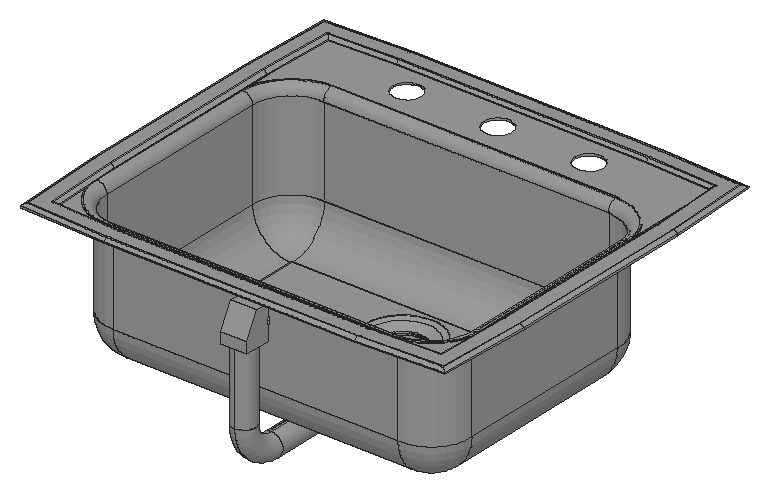
Revit family "equip-sink-elkay-single-lustertone-pslvr1917", category Generic Models, Revit 2019
Family settings
  Can host rebar = No
  Round Connector Dimension = Use Diameter
  Part Type = Normal
  Work Plane-Based = No
  Always vertical = Yes
  Cut with Voids When Loaded = No
  Shared = No
  Room Calculation Point = No
Parameters (values of type "Hole 3")
  URL = "www.elkayusa.com"
  Specification Sheet URL = "http://www.elkayusa.com/cps/rde/xbcr/elkay/01-70F_PSLVR1917.pdf"
  Sink Width = 1' - 5"
  Sink Material = Metal - Steel - Stainless - Chrome
  Sink Length = 1' - 7"
  Sink Ledge Sides Width = 0' - 1 1/2"
  Sink Ledge Front Width = 0' - 1 1/2"
  Sink Ledge Back Width = 0' - 4"
  Sink Depth = 0' - 6 1/8"
  Model = "PSLVR1917"  # constant formula
  Minimum Cabinet Width = "24"  # constant formula
  Manufacturer = "Elkay Manufacturing"  # constant formula
  Installation Sheet URL = "http://www.elkayusa.com/cps/rde/xbcr/elkay/74180147.pdf"
  Hole 5 Top = 0' - 1 1/2"
  Hole 4 Top = 0' - 1 1/2"
  Hole 3 Top = 0' - 2"
  Hole 2 Top = 0' - 2"
  Hole 1 to 5 = 1' - 0"
  Hole 1 to 4 = 0' - 10"
  Hole 1 to 3 = 0' - 8"
  Hole 1 to 2 = 0' - 4"
  Hole 1 from CL = 0' - 4"
  Hole 1 Top = 0' - 2"
  Faucet Hole CL = 0' - 2 1/4"
  Drain Location = 0' - 3 1/2"
  Description = "Pacemaker Lavatory Sink"  # constant formula
  2D Hole 5 = Hole 5 Top = 0' 2"  # no
  2D Hole 4 = Hole 4 Top = 0' 2"  # no
  2D Hole 3 = Hole 3 Top = 0' 2"  # yes
  2D Hole 2 = Hole 2 Top = 0' 2"  # yes
  2D Hole 1 = Hole 1 Top = 0' 2"  # yes
Types (5): name | Hole 3 Top | Hole 2 Top | Hole 1 to 5 | Hole 1 to 4 | Hole 1 to 3 | Hole 1 to 2 | Hole 1 from CL | 2D Hole 3 | 2D Hole 2
  (no name) | 0' - 2" | 0' - 2" | 1' - 0" | 0' - 10" | 0' - 8" | 0' - 4" | 0' - 4" | yes | yes
  Hole 1 | 0' - 1 1/2" | 0' - 1 1/2" | 0' - 8" | 0' - 6" | 0' - 4" | 0' - 2" | 0' - 0" | no | no
  Hole 2 | 0' - 1 1/2" | 0' - 2" | 0' - 10" | 0' - 8" | 0' - 6" | 0' - 4" | 0' - 2" | no | yes
  Hole 3 | 0' - 2" | 0' - 2" | 1' - 0" | 0' - 10" | 0' - 8" | 0' - 4" | 0' - 4" | yes | yes
  Hole 3 CenterSet | 0' - 2" | 0' - 2" | 1' - 0" | 0' - 10" | 0' - 4" | 0' - 2" | 0' - 2" | yes | yes
Reference planes (in)
  plane 1 "CL Sink Hole": y = 2.25
  plane 2 "Rim Top Outside Corner": z = 0.0015695
  plane 3 "Center (Left/Right)": x = 0
  plane 4 "Basin Edge Left": x = -8
  plane 5 "Basin Edge Right": x = 8
  plane 6 "Basin Edge Back": y = 5.75
  plane 7 "Basin Edge Front": y = -5.75
  plane 8 "Left": x = -9.5
  plane 9 "Right": x = 9.5
  plane 10 "Back": y = 9.75
  plane 11 "Front": y = -7.25
  plane 12 "Sink Angle Back Corner": y = 9.5792275
  plane 13 "Sink Angle Right Corner": x = 9.3267866
  plane 14 "Sink Angle Right": x = 5.5172067
  plane 15 "Sink Angle Back": y = 5.4648437
  plane 16 "Sink Angle Left": x = -5.515625
  plane 17 "Sink Angle Left Corner": x = -9.328125
  plane 18 "Sink Angle Front Corner": y = -7.078125
  plane 19 "Sink Angle Front": y = -2.9648438
  plane 20 "Sink Top Face Back Edge": y = 8.7219509
  plane 21 "Sink Top Face Front Edge": y = -6.2226563
  plane 22 "Sink Top Face Right Edge": x = 8.4726563
  plane 23 "Sink Top Face Left Edge": x = -8.4726562
  plane 24 "Sink Bowl Bottom (Top Face)": z = -6.0195312
  plane 25 "Faucet CL": y = 7.5
  plane 26 "Sink Top Piece Top Face": z = -0.0194305
  plane 27 "Sink Top Piece Bottom Face": z = -0.0819305
  plane 28: x = -9.921
  plane 29 "Top Void for Radius Back Edge": y = 3.25
  plane 30 "back ledge void radius": y = 6.2421875
  plane 31 "front ledge void radius": y = -6.2421875
  plane 32 "Top Radius Corner Prot": z = -0.4405305
  plane 33: z = -4.3320312
  plane 34 "Sink Bowl Bottom (Bottom Face)": z = -6.0820312
  plane 35 "Sink Bottom Piece Left Edge": x = -6.3125
  plane 36 "Sink Bottom Piece Right Edge": x = 6.3125
  plane 37 "Sink Bottom Piece Back Edge": y = 4.0625
  plane 38 "Sink Bottom Piece Front Edge": y = -4.0625
  plane 39 "Top Void for Radius Front Edge": y = -2.75
  plane 40 "Sink Top Locked Edge Right": x = 8.5625
  plane 41 "Sink Top Locked Edge Left": x = -8.5625
  plane 42 "Hole 1": x = -4
  plane 43 "Hole 2": x = 0
  plane 44 "Hole 3": x = 4
  plane 45 "Hole 4": x = 6
  plane 46 "Hole 5": x = 8
  plane 47 "Faucet Hole Void Bottoms": z = -1.9984305
  plane 48 "Hole 1 Top": z = 0.0015695
  plane 49 "Hole 2 Top": z = 0.0015695
  plane 50 "Hole 3 Top": z = 0.0015695
  plane 51 "Hole 4 Top": z = -0.4984305
  plane 52 "Hole 5 Top": z = -0.4984305
  plane 53 "Top": z = 0.1054687
  plane 54 "Insertion Plan for Sink - Bottom Outside Corner of Rim": z = -0.0524008
  plane 55 "Center (Front/Back)": y = 0
  plane 56 "drain return front wall": z = -1.5775313
  plane 57 "Drain Hole Bottom Edge": z = -6.3277116
  plane 58 "drain return screen back": y = -5.8125
  plane 59 "Drain Pipe Horz CL": z = -7.0464616
  plane 60 "Drain Pipe Vert CL": y = -6.4505003
  plane 61 "Drain Pipe Top": z = -2.3928632
  plane 62 "drain front fitting right": x = 0.5625
  plane 63 "drain front fitting left": x = -0.5625
  plane 64 "drain front fitting top": z = -0.8928632
  plane 65: y = 1.25
Forms (in)
  Sweep 1, solid, material "Metal - Steel - Stainless - Chrome" <- "Sink Material"
    path origin (0, 0, 0) x (1, 0, 0) y (0, 1, 0)
      loop
        line (5.5172067, 9.75) -> (-5.515625, 9.75) -> (-9.328125, 9.5792275) -> (-9.5, 5.4648437) -> (-9.5, -2.9648438) -> (-9.328125, -7.078125) -> (-5.515625, -7.25) -> (5.5172067, -7.25) -> (9.3267866, -7.078125) -> (9.5, -2.9648438) -> (9.5, 5.4648437) -> (9.3267866, 9.5792275) -> (5.5172067, 9.75)
    profile "profile-elkay-sink-rim-1 : profile-elkay-sink-rim-1" origin (0.0007909, 9.75, 0) x (0, -1, 0) y (0, 0, 1)
      loop
        line (0, 0) -> (0, -0.0524008) -> (0.2039181, 0.0577989) -> (0.8052651, 0.0577989) -> (1.0074493, -0.0709913) -> (1.0074493, -0.0163327) -> (0.841093, 0.0896347)
        arc (0.841093, 0.0896347) -> (0.8176388, 0.1002604) -> (0.7921483, 0.1038992) r 0.091102
        line (0.7921483, 0.1038992) -> (0.2153023, 0.1038992)
        arc (0.2153023, 0.1038992) -> (0.1929626, 0.1011179) -> (0.1719868, 0.0929438) r 0.0911081
        line (0.1719868, 0.0929438) -> (0, 0)
  Sweep 2, solid, material "Metal - Steel - Stainless - Chrome" <- "Sink Material"
    path origin (0, 0, -0.0194305) x (-1, 0, 0) y (0, -1, 0)
      loop
        line (-6.25, -5.75) -> (6.25, -5.75)
        arc (6.25, -5.75) -> (7.4874369, -5.2374369) -> (8, -4) r 1.75
        line (8, -4) -> (8, 4)
        arc (8, 4) -> (7.4874369, 5.2374369) -> (6.25, 5.75) r 1.75
        line (6.25, 5.75) -> (-6.25, 5.75)
        arc (-6.25, 5.75) -> (-7.4874369, 5.2374369) -> (-8, 4) r 1.75
        line (-8, 4) -> (-8, -4)
        arc (-8, -4) -> (-7.4874369, -5.2374369) -> (-6.25, -5.75) r 1.75
    profile "profile-elkay-sink-top corner : profile-elkay-sink-top corner" origin (0, 5.75, -0.0194305) x (0, -1, 0) y (0, 0, 1)
      loop
        line (-0.4204811, 0) -> (-0.4921875, 0) -> (-0.4921875, -0.0461) -> (-0.4204811, -0.0461)
        arc (-0.4204811, -0.0461) -> (-0.1553161, -0.155935) -> (-0.0454811, -0.4211) r 0.375
        line (-0.0454811, -0.4211) -> (0.0006189, -0.4211)
        arc (0.0006189, -0.4211) -> (-0.1227185, -0.1233373) -> (-0.4204811, 0) r 0.4211
  Extrusion 3, solid, material "Metal - Steel - Stainless - Chrome" <- "Sink Material"
    sketch origin (0, 0, 0) x (1, 0, 0) y (0, 1, 0)
      loop
        line (-8.4726562, 8.7219509) -> (-8.4726562, 3.25) -> (8.4726563, 3.25) -> (8.4726563, 8.7219509) -> (-8.4726562, 8.7219509)
    from -0.0819305 to -0.0194305
  Extrusion 4, void
    sketch origin (0, 0, 0) x (1, 0, 0) y (0, 1, 0)
      loop
        line (8.4726563, 3.25) -> (8.4726563, 3.8941505)
        arc (8.4726563, 3.8941505) -> (7.7849321, 5.5544634) -> (6.1246193, 6.2421875) r 2.348037
        line (6.1246193, 6.2421875) -> (-6.125, 6.2421875)
        arc (-6.125, 6.2421875) -> (-7.7850437, 5.5545749) -> (-8.4726562, 3.8945312) r 2.3476562
        line (-8.4726562, 3.8945312) -> (-8.4726562, 3.25) -> (8.4726563, 3.25)
    from -0.7469965 to 0.495879
  Extrusion 5, solid, material "Metal - Steel - Stainless - Chrome" <- "Sink Material"
    sketch origin (0, 0, 0) x (1, 0, 0) y (0, 1, 0)
      loop
        line (-8.4726562, -2.9648438) -> (-8.4726562, -6.2226563) -> (8.4726563, -6.2226563) -> (8.4726563, -2.9648438) -> (-8.4726562, -2.9648438)
    from -0.0819305 to -0.0194305
  Extrusion 6, void
    sketch origin (0, 0, 0) x (1, 0, 0) y (0, 1, 0)
      loop
        line (-8.4726562, -2.75) -> (-8.4726562, -3.9607599)
        arc (-8.4726562, -3.9607599) -> (-7.8044416, -5.5739728) -> (-6.1912287, -6.2421875) r 2.2814276
        line (-6.1912287, -6.2421875) -> (6.1914063, -6.2421875)
        arc (6.1914063, -6.2421875) -> (7.8044936, -5.5740248) -> (8.4726563, -3.9609375) r 2.28125
        line (8.4726563, -3.9609375) -> (8.4726563, -2.75) -> (-8.4726562, -2.75)
    from -1.9984305 to 0.6466859
  Extrusion 7, solid, material "Metal - Steel - Stainless - Chrome" <- "Sink Material"
    sketch origin (0, 0, 0) x (1, 0, 0) y (0, 1, 0)
      loop
        arc (-6.25, 5.75) -> (-7.4874369, 5.2374369) -> (-8, 4) r 1.75
        line (-8, 4) -> (-8, -4)
        arc (-8, -4) -> (-7.4874369, -5.2374369) -> (-6.25, -5.75) r 1.75
        line (-6.25, -5.75) -> (6.25, -5.75)
        arc (6.25, -5.75) -> (7.4874369, -5.2374369) -> (8, -4) r 1.75
        line (8, -4) -> (8, 4)
        arc (8, 4) -> (7.4874369, 5.2374369) -> (6.25, 5.75) r 1.75
        line (6.25, 5.75) -> (-6.25, 5.75)
      loop
        arc (-6.25, 5.8125) -> (-7.531631, 5.281631) -> (-8.0625, 4) r 1.8125
        line (-8.0625, 4) -> (-8.0625, -4)
        arc (-8.0625, -4) -> (-7.531631, -5.281631) -> (-6.25, -5.8125) r 1.8125
        line (-6.25, -5.8125) -> (6.25, -5.8125)
        arc (6.25, -5.8125) -> (7.531631, -5.281631) -> (8.0625, -4) r 1.8125
        line (8.0625, -4) -> (8.0625, 4)
        arc (8.0625, 4) -> (7.531631, 5.281631) -> (6.25, 5.8125) r 1.8125
        line (6.25, 5.8125) -> (-6.25, 5.8125)
    from -4.3320312 to -0.4405305
  Extrusion 8, solid, material "Metal - Steel - Stainless - Chrome" <- "Sink Material"
    sketch origin (0, 0, 0) x (1, 0, 0) y (0, 1, 0)
      loop
        line (-6.3125, 4.0625) -> (-6.3125, -4.0625) -> (6.3125, -4.0625) -> (6.3125, 4.0625) -> (-6.3125, 4.0625)
    from -6.0820312 to -6.0195312
  Extrusion 9, void
    sketch origin (0, 0, 0) x (1, 0, 0) y (0, 1, 0)
      loop
        circle (0.0002984, 2.2470314) r 1.6289063
    from -6.0820312 to -6.0195312
  Sweep 10, solid, material "Metal - Steel - Stainless - Chrome" <- "Sink Material"
    path origin (0, 0, -6.0195312) x (-1, 0, 0) y (0, -1, 0)
      loop
        circle (0, -2.25) r 0.84
    profile "profile-elkay-sink-hole-2 : profile-elkay-sink-hole-2" origin (0, 1.41, -6.0195312) x (0, 1, 0) y (0, 0, 1)
      loop
        line (-0.5448356, -0.0772848) -> (-0.7872168, 0) -> (-0.7872168, -0.0363034) -> (-0.5604472, -0.1086101) -> (-0.1411488, -0.3175746)
        arc (-0.1411488, -0.3175746) -> (-0.1199257, -0.3252766) -> (-0.0975001, -0.3278906) r 0.0975
        line (-0.0975001, -0.3278906) -> (0, -0.3278907) -> (0, -0.2928905) -> (-0.0901446, -0.2928905)
        arc (-0.0901446, -0.2928905) -> (-0.1116243, -0.2903967) -> (-0.1319612, -0.2830478) r 0.09375
        line (-0.1319612, -0.2830478) -> (-0.5448356, -0.0772848)
  Sweep 11, solid, material "Metal - Steel - Stainless - Chrome" <- "Sink Material"
    path origin (0, 0, -6.0195312) x (-1, 0, 0) y (0, -1, 0)
      loop
        line (8, -4) -> (8, 4)
        arc (8, 4) -> (7.4874369, 5.2374369) -> (6.25, 5.75) r 1.75
        line (6.25, 5.75) -> (-6.25, 5.75)
        arc (-6.25, 5.75) -> (-7.4874369, 5.2374369) -> (-8, 4) r 1.75
        line (-8, 4) -> (-8, -4)
        arc (-8, -4) -> (-7.4874369, -5.2374369) -> (-6.25, -5.75) r 1.75
        line (-6.25, -5.75) -> (6.25, -5.75)
        arc (6.25, -5.75) -> (7.4874369, -5.2374369) -> (8, -4) r 1.75
    profile "profile-elkay-sink-btm-crnr_1-6875 : profile-elkay-sink-btm-crnr_1-6875" origin (-8, 0, -6.0195312) x (1, 0, 0) y (0, 0, 1)
      loop
        line (1.6875, -0.0625) -> (1.6875, 0)
        arc (1.6875, 0) -> (0.4942573, 0.4942573) -> (0, 1.6875) r 1.6875
        line (0, 1.6875) -> (-0.0625, 1.6875)
        arc (-0.0625, 1.6875) -> (0.4500631, 0.4500631) -> (1.6875, -0.0625) r 1.75
  Extrusion 12, solid, material "Metal - Steel - Stainless - Chrome" <- "Sink Material"
    sketch origin (0, 0, 0) x (1, 0, 0) y (0, 1, 0)
      loop
        line (-8.5625, 8.7219509) -> (-8.5625, -6.2226563) -> (-8.4726562, -6.2226563) -> (-8.4726562, 8.7219509) -> (-8.5625, 8.7219509)
    from -0.0819305 to -0.0194305
  Extrusion 13, solid, material "Metal - Steel - Stainless - Chrome" <- "Sink Material"
    sketch origin (0, 0, 0) x (1, 0, 0) y (0, 1, 0)
      loop
        line (8.4726563, 8.7219509) -> (8.4726563, -6.2226563) -> (8.5625, -6.2226563) -> (8.5625, 8.7219509) -> (8.4726563, 8.7219509)
    from -0.0819305 to -0.0194305
  Extrusion 14, void
    sketch origin (0, 0, 0) x (1, 0, 0) y (0, 1, 0)
      loop
        circle (-4, 7.5) r 0.625
    from -1.9984305 to 0.0015695
  Extrusion 15, void
    sketch origin (0, 0, 0) x (1, 0, 0) y (0, 1, 0)
      loop
        circle (0, 7.5) r 0.625
    from -1.9984305 to 0.0015695
  Extrusion 16, void
    sketch origin (0, 0, 0) x (1, 0, 0) y (0, 1, 0)
      loop
        circle (4, 7.5) r 0.625
    from -1.9984305 to 0.0015695
  Extrusion 17, void
    sketch origin (0, 0, 0) x (1, 0, 0) y (0, 1, 0)
      loop
        circle (6, 7.5) r 0.625
    from -1.9984305 to -0.4984305
  Extrusion 18, void
    sketch origin (0, 0, 0) x (1, 0, 0) y (0, 1, 0)
      loop
        circle (8, 7.5) r 0.625
    from -1.9984305 to -0.4984305
  Extrusion 19, void
    sketch origin (0, 2.25, 0) x (1, 0, 0) y (0, 0, 1)
      loop
        circle (0, -1.5775312) r 0.5771
    from 8 to 8.4726562
  Sweep 20, solid, material "Metal - Steel - Stainless - Chrome" <- "Sink Material"
    path origin (0, 0, -6.3277116) x (0, -1, 0) y (1, 0, 0)
      loop
        circle (-2.25, 0) r 1
    profile "profile-elkay-sink-drain-return : profile-elkay-sink-drain-return" origin (1, 2.25, -6.3277116) x (-1, 0, 0) y (0, 0, 1)
      loop
        line (-0.0625, -0.125) -> (-0.0625, -1.4375) -> (0, -1.4375) -> (0, 0) -> (-0.28125, 0) -> (-0.28125, -0.125) -> (-0.0625, -0.125)
  Sweep 21, solid
    path origin (0, -5.75, 0) x (-1, 0, 0) y (0, 0, 1)
      loop
        circle (0, -1.5775312) r 0.5771
    profile "profile-elkay-sink-drain-front : profile-elkay-sink-drain-front" origin (0, -5.75, -2.1546312) x (0, 0, -1) y (0, 1, 0)
      loop
        line (-0.21875, -0.125) -> (0, -0.125) -> (0, 0) -> (-0.28125, 0) -> (-0.28125, -0.5) -> (-0.21875, -0.5) -> (-0.21875, -0.125)
  Extrusion 22, solid, material "Steel-Mesh"
    sketch origin (0, -5.75, 0) x (-1, 0, 0) y (0, 0, 1)
      loop
        circle (0, -1.5775312) r 0.25
    from -0.0625 to 0
  Sweep 23, solid, material "Metal - Steel - Stainless - Chrome" <- "Sink Material"
    path origin (0, 0, 0) x (0, 1, 0) y (0, 0, 1)
      loop
        line (1.25, -7.0464616) -> (-4.9505003, -7.0464616)
        arc (-4.9505003, -7.0464616) -> (-6.0111604, -6.6071218) -> (-6.4505003, -5.5464616) r 1.5
        line (-6.4505003, -5.5464616) -> (-6.4505003, -2.3928632)
    profile origin (0, -1.8502501, -7.0464616) x (0, 0, -1) y (1, 0, 0)
      loop
        circle (0, 0) r 0.5
      loop
        circle (0, 0) r 0.4375
  Extrusion 24, solid, material "Metal - Steel - Stainless - Chrome" <- "Sink Material"
    sketch origin (0, 0, 0) x (0, 1, 0) y (0, 0, 1)
      loop
        line (-5.875, -0.8928632) -> (-7, -0.8928632) -> (-7, -2.3928632) -> (-5.875, -2.3928632) -> (-5.875, -0.8928632)
    from -0.5625 to 0.5625
  Extrusion 25, void
    sketch origin (0, 0, 0) x (0, 1, 0) y (0, 0, 1)
      loop
        line (-6.2489463, -0.4405305) -> (-7.0909894, -0.4405305) -> (-7.0909894, -2.0931332) -> (-6.2489463, -0.4405305)
    from -0.5625 to 0.5625
Cuts and joins
  Extrusion 4, Extrusion 9, Extrusion 14, Extrusion 15, Extrusion 16, Extrusion 17, Extrusion 18 cuts Sweep 1
  Extrusion 4, Extrusion 14, Extrusion 15, Extrusion 16, Extrusion 17, Extrusion 18 cuts Extrusion 3
  Extrusion 6 cuts Extrusion 5
  Extrusion 9 cuts Sweep 2
  Extrusion 9 cuts Extrusion 8
  Extrusion 14 cuts Extrusion 12
  Extrusion 18 cuts Extrusion 13
  Extrusion 19 cuts Extrusion 7
  Extrusion 25 cuts Sweep 21
  Extrusion 25 cuts Extrusion 24
Lines and regions (in)
  reference lines
    curve 1: line (5.5172067, 9.75, 0) -> (9.3267866, 9.5792275, 0)
    curve 2: line (9.3267866, 9.5792275, 0) -> (9.5, 5.4648437, 0)
    curve 3: line (-5.515625, 9.75, 0) -> (-9.328125, 9.5792275, 0)
    curve 4: line (-9.328125, 9.5792275, 0) -> (-9.5, 5.4648437, 0)
    curve 5: line (-9.5, -2.9648438, 0) -> (-9.328125, -7.078125, 0)
    curve 6: line (-9.328125, -7.078125, 0) -> (-5.515625, -7.25, 0)
    curve 7: line (9.5, -2.9648438, 0) -> (9.3267866, -7.078125, 0)
    curve 8: line (9.3267866, -7.078125, 0) -> (5.5172067, -7.25, 0)
Dimensions and locks (in)
  equal spacing: plane 4 "Basin Edge Left", plane 3 "Center (Left/Right)", plane 5 "Basin Edge Right"
  "Sink Ledge Sides Width": plane 8 "Left" to plane 4 "Basin Edge Left"
  "Sink Ledge Sides Width": plane 5 "Basin Edge Right" to plane 9 "Right"
  "Sink Length": plane 8 "Left" to plane 9 "Right"
  "Drain Location": plane 6 "Basin Edge Back" to plane 1 "CL Sink Hole"
  "Sink Ledge Back Width": plane 10 "Back" to plane 6 "Basin Edge Back"
  "Sink Ledge Front Width": plane 7 "Basin Edge Front" to plane 11 "Front"
  locked: plane 13 "Sink Angle Right Corner" to plane 9 "Right" at 0.1732134
  locked: plane 10 "Back" to plane 12 "Sink Angle Back Corner" at 0.1707725
  locked: plane 14 "Sink Angle Right" to plane 9 "Right" at 3.9827933
  locked: plane 10 "Back" to plane 15 "Sink Angle Back" at 4.2851562
  locked: plane 8 "Left" to plane 17 "Sink Angle Left Corner" at 0.171875
  locked: plane 8 "Left" to plane 16 "Sink Angle Left" at 3.984375
  locked: plane 18 "Sink Angle Front Corner" to plane 11 "Front" at 0.171875
  locked: plane 19 "Sink Angle Front" to plane 11 "Front" at 4.2851562
  "Sink Width": plane 10 "Back" to plane 11 "Front"
  locked: plane 10 "Back" to plane 20 "Sink Top Face Back Edge" at 1.0280491
  locked: plane 21 "Sink Top Face Front Edge" to plane 11 "Front" at 1.0273438
  locked: plane 23 "Sink Top Face Left Edge" to plane 4 "Basin Edge Left" at 0.4726562
  "Sink Depth": plane 53 "Top" to plane 24 "Sink Bowl Bottom (Top Face)"
  "Faucet Hole CL": plane 10 "Back" to plane 25 "Faucet CL"
  locked: plane 2 "Rim Top Outside Corner" to plane 26 "Sink Top Piece Top Face" at 0.021
  locked: plane 26 "Sink Top Piece Top Face" to plane 27 "Sink Top Piece Bottom Face" at 0.0625
  locked: plane 6 "Basin Edge Back" to plane 29 "Top Void for Radius Back Edge" at 2.5
  locked: plane 30 "back ledge void radius" to plane 29 "Top Void for Radius Back Edge" at 2.9921875
  locked: plane 39 "Top Void for Radius Front Edge" to plane 31 "front ledge void radius" at 3.4921875
  locked: plane 2 "Rim Top Outside Corner" to plane 32 "Top Radius Corner Prot" at 0.4421
  locked: plane 33 to plane 24 "Sink Bowl Bottom (Top Face)" at 1.6875
  locked: plane 24 "Sink Bowl Bottom (Top Face)" to plane 34 "Sink Bowl Bottom (Bottom Face)" at 0.0625
  locked: plane 38 "Sink Bottom Piece Front Edge" to plane 7 "Basin Edge Front" at 1.6875
  locked: plane 4 "Basin Edge Left" to plane 35 "Sink Bottom Piece Left Edge" at 1.6875
  locked: plane 36 "Sink Bottom Piece Right Edge" to plane 5 "Basin Edge Right" at 1.6875
  locked: plane 6 "Basin Edge Back" to plane 37 "Sink Bottom Piece Back Edge" at 1.6875
  plane 6 "Basin Edge Back" to plane 7 "Basin Edge Front" = 0' - 11 1/2"
  locked: plane 39 "Top Void for Radius Front Edge" to plane 7 "Basin Edge Front" at 3
  locked: plane 5 "Basin Edge Right" to plane 22 "Sink Top Face Right Edge" at 0.4726562
  locked: plane 6 "Basin Edge Back" to Sweep 2 sketch curve at 1.75  (x2)
  locked: Sweep 2 sketch curve to plane 5 "Basin Edge Right" at 1.75  (x2)
  locked: plane 4 "Basin Edge Left" to Sweep 2 sketch curve at 1.75  (x2)
  locked: Sweep 2 sketch curve to plane 7 "Basin Edge Front" at 1.75  (x2)
  locked: plane 4 "Basin Edge Left" to Sweep 11 sketch curve at 1.75  (x2)
  locked: Sweep 11 sketch curve to plane 5 "Basin Edge Right" at 1.75  (x2)
  locked: Sweep 11 sketch curve to plane 7 "Basin Edge Front" at 1.75  (x2)
  locked: plane 6 "Basin Edge Back" to Sweep 11 sketch curve at 1.75  (x2)
  locked: Extrusion 4 sketch curve to plane 5 "Basin Edge Right" at 1.8753807
  locked: plane 6 "Basin Edge Back" to Extrusion 4 sketch curve at 1.8558495
  locked: plane 4 "Basin Edge Left" to Extrusion 4 sketch curve at 1.875
  locked: plane 6 "Basin Edge Back" to Extrusion 4 sketch curve at 1.8554688
  locked: plane 4 "Basin Edge Left" to Extrusion 6 sketch curve at 1.8087713
  locked: Extrusion 6 sketch curve to plane 5 "Basin Edge Right" at 1.8085938
  locked: Extrusion 6 sketch curve to plane 7 "Basin Edge Front" at 1.7892401
  locked: Extrusion 6 sketch curve to plane 7 "Basin Edge Front" at 1.7890625
  locked: plane 4 "Basin Edge Left" to Extrusion 7 sketch curve at 1.75  (x2)
  locked: plane 6 "Basin Edge Back" to Extrusion 7 sketch curve at 1.75  (x2)
  locked: Extrusion 7 sketch curve to plane 5 "Basin Edge Right" at 1.75  (x2)
  locked: Extrusion 7 sketch curve to plane 7 "Basin Edge Front" at 1.75  (x2)
  locked: plane 40 "Sink Top Locked Edge Right" to plane 9 "Right" at 0.9375
  locked: plane 8 "Left" to plane 41 "Sink Top Locked Edge Left" at 0.9375
  "Hole 1 from CL": plane 42 "Hole 1" to plane 3 "Center (Left/Right)"
  "Hole 1 to 2": plane 42 "Hole 1" to plane 43 "Hole 2"
  "Hole 1 to 3": plane 42 "Hole 1" to plane 44 "Hole 3"
  "Hole 1 to 4": plane 42 "Hole 1" to plane 45 "Hole 4"
  "Hole 1 to 5": plane 42 "Hole 1" to plane 46 "Hole 5"
  locked: plane 2 "Rim Top Outside Corner" to plane 47 "Faucet Hole Void Bottoms" at 2
  "Hole 1 Top": plane 48 "Hole 1 Top" to plane 47 "Faucet Hole Void Bottoms"
  "Hole 2 Top": plane 49 "Hole 2 Top" to plane 47 "Faucet Hole Void Bottoms"
  "Hole 3 Top": plane 50 "Hole 3 Top" to plane 47 "Faucet Hole Void Bottoms"
  "Hole 4 Top": plane 51 "Hole 4 Top" to plane 47 "Faucet Hole Void Bottoms"
  "Hole 5 Top": plane 52 "Hole 5 Top" to plane 47 "Faucet Hole Void Bottoms"
  locked: plane 53 "Top" to plane 2 "Rim Top Outside Corner" at 0.1038992
  locked: plane 53 "Top" to plane 54 "Insertion Plan for Sink - Bottom Outside Corner of Rim" at 0.1578695
  equal spacing: plane 6 "Basin Edge Back", plane 55 "Center (Front/Back)", plane 7 "Basin Edge Front"
  locked: plane 53 "Top" to plane 56 "drain return front wall" at 1.683
  locked: plane 24 "Sink Bowl Bottom (Top Face)" to plane 57 "Drain Hole Bottom Edge" at 0.3081804
  locked: plane 58 "drain return screen back" to plane 7 "Basin Edge Front" at 0.0625
  locked: plane 59 "Drain Pipe Horz CL" to plane 57 "Drain Hole Bottom Edge" at 0.71875
  locked: plane 56 "drain return front wall" to plane 61 "Drain Pipe Top" at 0.8153319
  plane 62 "drain front fitting right" to plane 3 "Center (Left/Right)" to plane 63 "drain front fitting left" = 0' - 0 9/16" locked, 0' - 0 9/16" locked
  locked: plane 64 "drain front fitting top" to plane 61 "Drain Pipe Top" at 1.5
  locked: plane 1 "CL Sink Hole" to plane 65 at 1
  locked: plane 7 "Basin Edge Front" to Extrusion 25 at 1.3409894
  locked: Extrusion 25 to plane 56 "drain return front wall" at 1.1370008
  locked: plane 7 "Basin Edge Front" to Extrusion 24 at 1.25
  locked: plane 7 "Basin Edge Front" to Extrusion 24 at 0.125
  locked: plane 7 "Basin Edge Front" to plane 60 "Drain Pipe Vert CL" at 0.7005003
  aligned and locked: plane 9 "Right" to Sweep 1 sketch curve
  aligned and locked: plane 10 "Back" to Sweep 1 sketch curve
  aligned and locked: Sweep 1 sketch curve to plane 8 "Left"
  aligned and locked: Sweep 1 sketch curve to plane 11 "Front"
  aligned and locked: Sweep 1 sketch curve to curve 7
  aligned and locked: Sweep 1 sketch curve to curve 8
  aligned and locked: Sweep 1 sketch curve to curve 6
  aligned and locked: Sweep 1 sketch curve to curve 5
  aligned and locked: Sweep 1 sketch curve to curve 4
  aligned and locked: Sweep 1 sketch curve to curve 3
  aligned and locked: Sweep 1 sketch curve to curve 1
  aligned and locked: Sweep 1 sketch curve to curve 2
  aligned and locked: Sweep 2 sketch curve to plane 4 "Basin Edge Left"
  aligned and locked: Sweep 2 sketch curve to plane 7 "Basin Edge Front"
  aligned and locked: Sweep 2 sketch curve to plane 5 "Basin Edge Right"
  aligned and locked: plane 29 "Top Void for Radius Back Edge" to Extrusion 3 sketch curve
  aligned and locked: plane 23 "Sink Top Face Left Edge" to Extrusion 3 sketch curve
  aligned and locked: Extrusion 3 sketch curve to plane 22 "Sink Top Face Right Edge"
  aligned and locked: Extrusion 3 sketch curve to plane 20 "Sink Top Face Back Edge"
  aligned and locked: Extrusion 3 to plane 27 "Sink Top Piece Bottom Face"
  aligned and locked: plane 23 "Sink Top Face Left Edge" to Extrusion 4 sketch curve
  aligned and locked: Extrusion 4 sketch curve to plane 22 "Sink Top Face Right Edge"
  aligned and locked: plane 29 "Top Void for Radius Back Edge" to Extrusion 4 sketch curve
  aligned and locked: plane 26 "Sink Top Piece Top Face" to Extrusion 3
  aligned and locked: plane 30 "back ledge void radius" to Extrusion 4 sketch curve
  aligned and locked: plane 23 "Sink Top Face Left Edge" to Extrusion 5 sketch curve
  aligned and locked: Extrusion 5 sketch curve to plane 19 "Sink Angle Front"
  aligned and locked: plane 21 "Sink Top Face Front Edge" to Extrusion 5 sketch curve
  aligned and locked: Extrusion 5 sketch curve to plane 22 "Sink Top Face Right Edge"
  aligned and locked: plane 26 "Sink Top Piece Top Face" to Extrusion 5
  aligned and locked: Extrusion 5 to plane 27 "Sink Top Piece Bottom Face"
  aligned and locked: Extrusion 6 sketch curve to plane 22 "Sink Top Face Right Edge"
  aligned and locked: plane 23 "Sink Top Face Left Edge" to Extrusion 6 sketch curve
  aligned and locked: plane 31 "front ledge void radius" to Extrusion 6 sketch curve
  aligned and locked: Extrusion 7 sketch curve to plane 5 "Basin Edge Right"
  aligned and locked: plane 7 "Basin Edge Front" to Extrusion 7 sketch curve
  aligned and locked: plane 4 "Basin Edge Left" to Extrusion 7 sketch curve
  aligned and locked: Extrusion 7 sketch curve to plane 6 "Basin Edge Back"
  aligned and locked: plane 32 "Top Radius Corner Prot" to Extrusion 7
  aligned and locked: Extrusion 7 to plane 33
  aligned and locked: Extrusion 8 sketch curve to plane 36 "Sink Bottom Piece Right Edge"
  aligned and locked: plane 35 "Sink Bottom Piece Left Edge" to Extrusion 8 sketch curve
  aligned and locked: plane 38 "Sink Bottom Piece Front Edge" to Extrusion 8 sketch curve
  aligned and locked: Extrusion 8 sketch curve to plane 37 "Sink Bottom Piece Back Edge"
  aligned and locked: plane 24 "Sink Bowl Bottom (Top Face)" to Extrusion 8
  aligned and locked: Extrusion 8 to plane 34 "Sink Bowl Bottom (Bottom Face)"
  aligned and locked: Extrusion 9 to plane 34 "Sink Bowl Bottom (Bottom Face)"
  aligned and locked: plane 24 "Sink Bowl Bottom (Top Face)" to Extrusion 9
  aligned and locked: Extrusion 6 sketch curve to plane 39 "Top Void for Radius Front Edge"
  aligned and locked: Sweep 11 sketch curve to plane 4 "Basin Edge Left"
  aligned and locked: Sweep 11 sketch curve to plane 5 "Basin Edge Right"
  aligned and locked: Sweep 11 sketch curve to plane 7 "Basin Edge Front"
  aligned and locked: plane 41 "Sink Top Locked Edge Left" to Extrusion 12 sketch curve
  aligned and locked: Extrusion 12 sketch curve to plane 23 "Sink Top Face Left Edge"
  aligned and locked: Extrusion 12 to plane 27 "Sink Top Piece Bottom Face"
  aligned and locked: plane 26 "Sink Top Piece Top Face" to Extrusion 12
  aligned and locked: plane 20 "Sink Top Face Back Edge" to Extrusion 12
  aligned and locked: Extrusion 12 to plane 21 "Sink Top Face Front Edge"
  aligned and locked: Extrusion 13 sketch curve to plane 20 "Sink Top Face Back Edge"
  aligned and locked: plane 22 "Sink Top Face Right Edge" to Extrusion 13 sketch curve
  aligned and locked: plane 21 "Sink Top Face Front Edge" to Extrusion 13 sketch curve
  aligned and locked: plane 40 "Sink Top Locked Edge Right" to Extrusion 13 sketch curve
  aligned and locked: Extrusion 13 to plane 27 "Sink Top Piece Bottom Face"
  aligned and locked: plane 26 "Sink Top Piece Top Face" to Extrusion 13
  aligned and locked: Extrusion 15 to plane 47 "Faucet Hole Void Bottoms"
  aligned and locked: Extrusion 14 to plane 47 "Faucet Hole Void Bottoms"
  aligned and locked: Extrusion 16 to plane 47 "Faucet Hole Void Bottoms"
  aligned and locked: Extrusion 17 to plane 47 "Faucet Hole Void Bottoms"
  aligned and locked: Extrusion 18 to plane 47 "Faucet Hole Void Bottoms"
  aligned and locked: Extrusion 14 to plane 48 "Hole 1 Top"
  aligned and locked: Extrusion 15 to plane 49 "Hole 2 Top"
  aligned and locked: Extrusion 16 to plane 50 "Hole 3 Top"
  aligned and locked: Extrusion 17 to plane 51 "Hole 4 Top"
  aligned and locked: Extrusion 18 to plane 52 "Hole 5 Top"
  aligned and locked: Extrusion 6 to plane 47 "Faucet Hole Void Bottoms"
  aligned and locked: plane 7 "Basin Edge Front" to Extrusion 19
  aligned and locked: Extrusion 19 to plane 21 "Sink Top Face Front Edge"
  aligned and locked: plane 7 "Basin Edge Front" to Extrusion 22
  aligned: Extrusion 22 to plane 31 "front ledge void radius"
  aligned and locked: plane 58 "drain return screen back" to Extrusion 22
  aligned and locked: plane 61 "Drain Pipe Top" to Sweep 23 sketch curve
  aligned and locked: Extrusion 24 to plane 63 "drain front fitting left"
  aligned and locked: plane 62 "drain front fitting right" to Extrusion 24
  aligned and locked: Extrusion 24 to plane 61 "Drain Pipe Top"
  aligned and locked: plane 64 "drain front fitting top" to Extrusion 24
  aligned and locked: plane 62 "drain front fitting right" to Extrusion 25
  aligned and locked: Extrusion 25 to plane 63 "drain front fitting left"
  aligned and locked: plane 65 to Sweep 23 sketch curve
Automatic sketch dimensions
  plane 3 "Center (Left/Right)" to Extrusion 9 sketch curve = 0' - 0.0003"
  plane 1 "CL Sink Hole" to Extrusion 9 sketch curve = 0' - 0.00297"
  curve 4 to plane 8 "Left" = 0' - 0"
  curve 5 to plane 8 "Left" = 0' - 0"
  curve 5 to plane 17 "Sink Angle Left Corner" = 0' - 0"
  curve 4 to plane 12 "Sink Angle Back Corner" = 0' - 0"
  curve 4 to plane 17 "Sink Angle Left Corner" = 0' - 0"
  curve 3 to plane 10 "Back" = 0' - 0"
  curve 3 to plane 16 "Sink Angle Left" = 0' - 0"
  curve 6 to plane 11 "Front" = 0' - 0"
  curve 6 to plane 16 "Sink Angle Left" = 0' - 0"
  curve 8 to plane 11 "Front" = 0' - 0"
  curve 8 to plane 14 "Sink Angle Right" = 0' - 0"
  curve 1 to plane 10 "Back" = 0' - 0"
  curve 1 to plane 14 "Sink Angle Right" = 0' - 0"
  curve 1 to plane 12 "Sink Angle Back Corner" = 0' - 0"
  curve 1 to plane 13 "Sink Angle Right Corner" = 0' - 0"
  curve 7 to plane 13 "Sink Angle Right Corner" = 0' - 0"
  curve 7 to plane 9 "Right" = 0' - 0"
  curve 2 to plane 9 "Right" = 0' - 0"
  curve 7 to plane 18 "Sink Angle Front Corner" = 0' - 0"
  curve 6 to plane 18 "Sink Angle Front Corner" = 0' - 0"
  curve 7 to plane 19 "Sink Angle Front" = 0' - 0"
  curve 5 to plane 19 "Sink Angle Front" = 0' - 0"
  curve 2 to plane 15 "Sink Angle Back" = 0' - 0"
  curve 4 to plane 15 "Sink Angle Back" = 0' - 0"
  plane 1 "CL Sink Hole" to Sweep 10 sketch curve = 0' - 0"
  Sweep 10 sketch curve to plane 3 "Center (Left/Right)" = 0' - 0"
  Extrusion 7 sketch curve to Extrusion 7 sketch curve = 0' - 0"  (x7)
  Extrusion 7 sketch curve to plane 7 "Basin Edge Front" = 0' - 0 1/16"
  Extrusion 12 sketch curve to plane 10 "Back" = 1' - 3 249/256"
  Extrusion 12 sketch curve to Extrusion 12 sketch curve = 1' - 2.94461"
  Extrusion 14 sketch curve to plane 25 "Faucet CL" = 0' - 0"
  Extrusion 14 sketch curve to plane 42 "Hole 1" = 0' - 0"
  Extrusion 15 sketch curve to plane 25 "Faucet CL" = 0' - 0"
  Extrusion 15 sketch curve to plane 43 "Hole 2" = 0' - 0"
  Extrusion 16 sketch curve to plane 25 "Faucet CL" = 0' - 0"
  Extrusion 16 sketch curve to plane 44 "Hole 3" = 0' - 0"
  Extrusion 17 sketch curve to plane 25 "Faucet CL" = 0' - 0"
  Extrusion 17 sketch curve to plane 45 "Hole 4" = 0' - 0"
  Extrusion 18 sketch curve to plane 25 "Faucet CL" = 0' - 0"
  Extrusion 18 sketch curve to plane 46 "Hole 5" = 0' - 0"
  Extrusion 19 sketch curve to plane 3 "Center (Left/Right)" = 0' - 0"
  Extrusion 19 sketch curve to plane 56 "drain return front wall" = 0' - 0"
  plane 1 "CL Sink Hole" to Sweep 20 sketch curve = 0' - 0"
  Sweep 20 sketch curve to plane 3 "Center (Left/Right)" = 0' - 0"
  Sweep 21 sketch curve to plane 3 "Center (Left/Right)" = 0' - 0"
  Sweep 21 sketch curve to plane 56 "drain return front wall" = 0' - 0"
  Extrusion 22 sketch curve to plane 3 "Center (Left/Right)" = 0' - 0"
  Extrusion 22 sketch curve to plane 56 "drain return front wall" = 0' - 0"
  Sweep 23 sketch curve to plane 3 "Center (Left/Right)" = 0' - 0"
  Sweep 23 sketch curve to profile plane = 0' - 0"
  Sweep 23 sketch curve to plane 60 "Drain Pipe Vert CL" = 0' - 0"
  Sweep 23 sketch curve to plane 59 "Drain Pipe Horz CL" = 0' - 0"
  plane 24 "Sink Bowl Bottom (Top Face)" to Sweep 23 sketch curve = 0' - 0.47307"
  Sweep 23 sketch curve to Sweep 23 sketch curve = 0' - 0"  (x2)
  plane 18 "Sink Angle Front Corner" to Extrusion 24 sketch curve = 0' - 0 5/64"
  Extrusion 24 sketch curve to plane 61 "Drain Pipe Top" = 0' - 0"
  plane 60 "Drain Pipe Vert CL" to Extrusion 24 sketch curve = 0' - 0.5755"
  Extrusion 24 sketch curve to plane 51 "Hole 4 Top" = 0' - 0.39443"
  Extrusion 25 sketch curve to plane 32 "Top Radius Corner Prot" = 0' - 0"
  Extrusion 25 sketch curve to plane 31 "front ledge void radius" = 0' - 0.00676"
  Extrusion 25 sketch curve to plane 18 "Sink Angle Front Corner" = 0' - 0.01286"
  Extrusion 25 sketch curve to plane 47 "Faucet Hole Void Bottoms" = 0' - 0.0947"
  radius of Extrusion 9 sketch curve = 0' - 1 161/256"
  radius of Sweep 10 sketch curve = 0' - 0.84"
  radius of Extrusion 14 sketch curve = 0' - 0 5/8"
  radius of Extrusion 15 sketch curve = 0' - 0 5/8"
  radius of Extrusion 16 sketch curve = 0' - 0 5/8"
  radius of Extrusion 17 sketch curve = 0' - 0 5/8"
  radius of Extrusion 18 sketch curve = 0' - 0 5/8"
  radius of Extrusion 19 sketch curve = 0' - 0.5771"
  radius of Sweep 20 sketch curve = 0' - 1"
  radius of Sweep 21 sketch curve = 0' - 0.5771"
  radius of Extrusion 22 sketch curve = 0' - 0 1/4"
  radius of Sweep 23 sketch curve = 0' - 0 1/2"
  radius of Sweep 23 sketch curve = 0' - 0 7/16"
